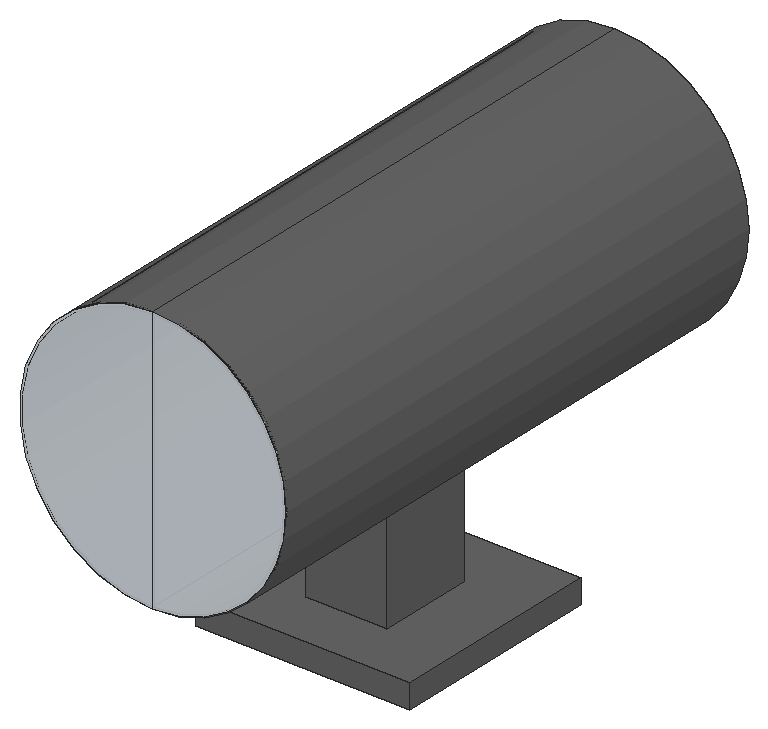
Revit family "LTC-4RDW-W", category Lighting Fixtures, host Face, Revit 2017
Family settings
  Host = Face
  Round Connector Dimension = Use Diameter
  Part Type = Normal
  OmniClass Number = 23.80.70.11.14.11
  OmniClass Title = Downlights
  Cut with Voids When Loaded = No
  Light Source = Yes
  Shared = No
  Room Calculation Point = No
Parameters (values of type "LTC-4RDPH-W")
  Wattage Comments = ""
  Wattage = 70 W
  Warranty = "• 5 year warranty\r\n• See HLI Standard Warranty for\r\nadditional information"  # constant formula
  built-in parameter 1150110 = 1 (stored number, unit not read)
  Voltage = 120 V
  built-in parameter 1114217 = 1 (stored number, unit not read)
  Tilt Angle = -90.00°  # constant formula
  built-in parameter 1150109 = 1 (stored number, unit not read)
  built-in parameter 1150134 = 3
  built-in parameter 1150113 = 1 (stored number, unit not read)
  Photometric Web File = "LTC-4RDPH-P-06L35K8MD-PM-S-BL.ies"
  Features = "• 4inch architectural LED downlight and wall wash cylinder delivering 600–2000 lm \r\n• Five beam distributions from 0.3 to 1.2 Spacing Criteria \r\n• Quiet reflector appearance with 50º optical cutoff \r\n• 2700K–5000K, 80+ and 90+ CRI options \r\n• Available in Surface, Wall, Pendant, or Cable/Cord Mount configurations \r\n• Versatile canopy options for recessed and surface-mounted J-box applications \r\n• PowerHUBB™ enables low-voltage wired connectivity for Power over Ethernet (PoE) network system deployment\r\n"  # constant formula
  built-in parameter 1150105 = 389.93 (stored number, unit not read)
  Lumens = 4900 lm
  built-in parameter 1150115 = 1 (stored number, unit not read)
  built-in parameter 1150137 = (empty or 0)
  built-in parameter 1150139 = (empty or 0)
  built-in parameter 1150112 = 1 (stored number, unit not read)
  built-in parameter 1150114 = 1 (stored number, unit not read)
  built-in parameter 1150132 = (empty or 0)
  built-in parameter 1150102 = (empty or 0)
  built-in parameter 1150107 = 3200 (stored number, unit not read)
  built-in parameter 1150138 = (empty or 0)
  built-in parameter 1150106 = 3.8993 (stored number, unit not read)
  Emit from Circle Diameter = 5.600"  # constant formula
  Emit Shape Visible in Rendering = no
  built-in parameter 1150104 = 6.5032 (stored number, unit not read)
  Dimming Lamp Color Temperature Shift = <None>
  Copyright = "© 2021 Prescolite, a division of Hubbell Lighting, Inc"  # constant formula
  Contact us = "https://www.hubbell.com/prescolite/en/contactUs"
  Color Filter = 16777215
  Certifications = "• cCSAus certified to UL 1598\r\n• Wall Mount: Suitable for wet locations\r\n• Surface & Pendant Mount: Suitable for wet\r\nlocations under covered ceiling\r\n• Cord Mount and all Wall Wash: Suitable for\r\ndamp locations"  # constant formula
  Center Point Distance = 5.620"
  Canopy height = 0.500"
  Canopy Width = 4.500"
  built-in parameter 1114218 = 1 (stored number, unit not read)
  Ballast = Paint - Hubbell - Carbon Black
  URL = "https://www.hubbell.com/prescolite/en"
  Product Page URL = "https://www.hubbell.com/prescolite/en/Products/Lighting-Controls/Commercial-Indoor-Lighting/Cylinders/LITEISTRY-4-Round-Cylinder-wPowerHUBB/p/3775860"
  Product Documentation Link = "https://hubbellcdn.com/specsheet/LTC-4RDWPH%20PowerHUBB.pdf"
  Model = "LTC-4RDPH"  # constant formula
  Manufacturer = "Prescolite"  # constant formula
  Lamp = "LED Lamp"
  Reflector = Glass - Hubbell - Glass
  Description = "LITEISTRY™ 4inch  ROUND CYLINDER WITH POWERHUBB"  # constant formula
  Default Elevation = 48.000"
  Backbox = Hubbell - Matt Black
  built-in parameter 1150133 = 10 (stored number, unit not read)
  Apparent Load = 72 VA  # constant formula
Types (3): name | Center Point Distance | Canopy height | Canopy Width
  (no name) | 5.620" | 0.500" | 4.500"
  LTC-4RDPH-W | 5.620" | 0.500" | 4.500"
  LTC-4RDPH-WCC | 7.870" | 3.000" | 5.740"
Reference planes (in)
  plane 1 "Center (Front/Back)": y = 0
  plane 2: z = 0
  plane 3 "Center (Left/Right)": x = 0
  plane 4: x = -1
  plane 5: y = 1
  plane 6: x = 1
  plane 7: y = -1
  plane 8: y = 7
  plane 9: y = -7
  plane 10: y = -2.25
  plane 11: y = 2.25
  plane 12: z = 0.5
  plane 13: x = -2.25
  plane 14: x = 2.25
  plane 15: z = 5.62
Forms (in)
  Extrusion 1, solid, material "Hubbell - Matt Black" <- "Backbox"
    sketch origin (0, -0.0241, 1.00792) x (0, 1, 0) y (0, 0, 1)
      loop
        line (2.2741, -1.00792) -> (2.2741, -0.50792) -> (-2.2259, -0.50792) -> (-2.2259, -1.00792) -> (2.2741, -1.00792)
    from -2.25 to 2.25
  Revolve 2, solid, material "Paint - Hubbell - Carbon Black" <- "Ballast"
    sketch origin (0, 2.2259, 0) x (0, 1, 0) y (0, 0, 1)
      loop
        line (3.60107, 5.62) -> (3.72607, 5.62) -> (3.72607, 8.42) -> (-8.39893, 8.42) -> (-8.39893, 8.37078) -> (3.60107, 8.37078) -> (3.60107, 5.62)
      axis (-8.39893, 5.62) -> (3.72607, 5.62)
    angle from 0 to 360
  Revolve 3, solid, material "Glass - Hubbell - Glass" <- "Reflector"
    sketch origin (0, -0.0241, 0) x (0, 1, 0) y (0, 0, 1)
      loop
        line (-6.10805, 5.62) -> (-6.10805, 8.42) -> (-6.16068, 8.42) -> (-6.16068, 5.62) -> (-6.10805, 5.62)
      axis (-6.10805, 5.62) -> (-6.16068, 5.62)
    angle from 0 to 360
  Extrusion 4, solid, material "Paint - Hubbell - Carbon Black" <- "Ballast"
    sketch origin (0, -0.0241, 0) x (0, 1, 0) y (0, 0, 1)
      loop
        line (0.97237, 0.5) -> (0.97237, 5.62) -> (-1.03763, 5.62) -> (-1.03763, 0.5) -> (0.97237, 0.5)
    from -0.88539 to 0.81657
Dimensions and locks (in)
  plane 4 to plane 3 "Center (Left/Right)" to plane 6 = 1.000" locked, 1.000" locked
  plane 5 to plane 1 "Center (Front/Back)" to plane 7 = 1.000" locked, 1.000" locked
  locked: Extrusion 4 sketch curve to Extrusion 4 sketch curve at 2.01
  "Canopy Width": plane 11 to plane 10
  equal spacing: plane 11, plane 1 "Center (Front/Back)", plane 10
  "Canopy height": plane 12 to plane 2
  equal spacing: plane 14, plane 3 "Center (Left/Right)", plane 13
  "Canopy Width": plane 14 to plane 13
  locked: plane 15 to Revolve 2 sketch curve at 2.8
  locked: Revolve 2 sketch curve to Revolve 2 sketch curve at 0.04922
  "Center Point Distance": plane 15 to plane 2
  locked: Revolve 3 sketch curve to plane 15 at 2.8
  aligned and locked: plane 2 to host face
  aligned and locked: plane 3 "Center (Left/Right)" to imposter light
  aligned and locked: Extrusion 1 to plane 11
  aligned and locked: plane 10 to Extrusion 1
  aligned and locked: plane 12 to Extrusion 1
  aligned and locked: Extrusion 1 to plane 13
  aligned and locked: plane 14 to Extrusion 1
  aligned and locked: plane 15 to Revolve 2 sketch curve  (x2)
  aligned and locked: plane 15 to Extrusion 4
  aligned and locked: Extrusion 4 to plane 12
  aligned and locked: Revolve 3 sketch curve to plane 15
  aligned and locked: plane 15 to Revolve 3 sketch curve
  aligned and locked: plane 15 to imposter light
Automatic sketch dimensions
  host sketch curve to host sketch curve = 96.000"  (x2)
  Extrusion 1 sketch curve to level = 0.000"
  plane 10 to Extrusion 1 sketch curve = 0.000"
  plane 11 to Extrusion 1 sketch curve = 0.000"
  level to Extrusion 1 sketch curve = 0.500"
  Revolve 2 sketch curve to plane 9 = 0.82697"
  plane 8 to Revolve 2 sketch curve = 1.17303"
  Revolve 2 sketch curve to Revolve 2 sketch curve = 0.125"
  Revolve 2 sketch curve to plane 11 = 1.07697"
  Revolve 2 sketch curve to plane 8 = 13.32697"
  Revolve 3 sketch curve to plane 9 = 0.81522"
  Revolve 3 sketch curve to Revolve 3 sketch curve = 0.05263"
  plane 9 to Revolve 3 sketch curve = 0.63215"
  Revolve 3 sketch curve to Revolve 3 sketch curve = 0.000"
  Extrusion 4 sketch curve to plane 7 = 0.06173"
  level to Extrusion 4 sketch curve = 0.500"
  plane 12 to Extrusion 4 sketch curve = 5.120"
Connectors (in)
  electrical at (0, 0, 0), driven by "Description", driven by "Voltage", driven by "Apparent Load"
    settings: index 1, voltage 120 V, apparent load 72 VA, apparent load phase1 0 VA, apparent load phase2 0 VA, apparent load phase3 0 VA, power factor 1, load classification "Other", number of poles 1, system type 30, power factor state 1, is connector primary yes, connector utility no, sub classification motor no, connector description "LITEISTRY™ 4inch  ROUND CYLINDER WITH POWERHUBB"
